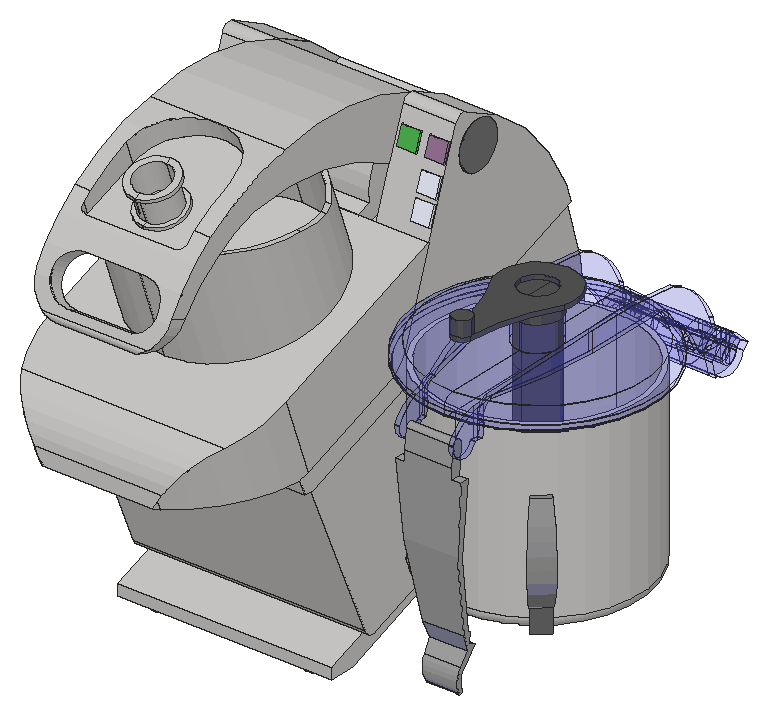
Revit family "QF_DITOSAMA_600438_DTRK70YI", category Specialty Equipment, Revit 2018 (continued)
Definition of nested family "QF_600438_BOWL"
  Lines and regions (mm)
    symbolic lines
      curve 64: line (-42.008, -210.888, 0) -> (-42.008, -197.61, 0)
      curve 65: arc (-128, -18.211, 0) -> (-101.973, 25.34, 0) -> (-60.771, 54.948, 0) r 124.909
      curve 66: arc (-128, -100.142, 0) -> (-134.909, -59.177, 0) -> (-128, -18.211, 0) r 124.909
      curve 67: line (-108, -177.764, 0) -> (-49.233, -177.764, 0)
      curve 68: line (-128, 191, 0) -> (-128, -17.764, 0)
      curve 69: line (29.233, -177.764, 0) -> (108, -177.764, 0)
      curve 70: line (-128, -97.764, 0) -> (-128, -157.764, 0)
      curve 71: line (-108, 211, 0) -> (108, 211, 0)
      curve 72: arc (-128, -157.764, 0) -> (-122.142, -171.906, 0) -> (-108, -177.764, 0) r 20
      curve 73: arc (108, -177.764, 0) -> (122.142, -171.906, 0) -> (128, -157.764, 0) r 20
      curve 74: arc (128, 191, 0) -> (122.142, 205.142, 0) -> (108, 211, 0) r 20
      curve 75: arc (-108, 211, 0) -> (-122.142, 205.142, 0) -> (-128, 191, 0) r 20
      curve 76: line (45.852, 123.86, 0) -> (-71.073, 123.86, 0)
      curve 77: line (45.852, 137.378, 0) -> (-65.852, 137.378, 0)
      curve 78: line (45.852, 143.082, 0) -> (-65.852, 143.082, 0)
      curve 79: line (53.607, 123.86, 0) -> (45.852, 123.86, 0)
      curve 80: line (45.852, 123.86, 0) -> (45.852, 170.216, 0)
      curve 81: line (45.852, 170.216, 0) -> (-65.852, 170.216, 0)
      curve 82: line (-65.852, 170.216, 0) -> (-65.852, 123.86, 0)
      curve 83: line (102.599, 101.361, 0) -> (117.599, 101.361, 0)
  Dimensions and locks
    plane 4 "TOP" to level = 705.4 mm  (x2)
    plane 7 "LEFT" to plane 3 "Center (Left/Right)" to plane 8 "RIGHT" = 128 mm, 128 mm
    plane 6 "BACK" to plane 1 "Center (Front/Back)" to plane 5 "FRONT" = 211 mm, 211 mm
    plane 6 "BACK" to plane 5 "FRONT" = 422 mm
    plane 7 "LEFT" to plane 8 "RIGHT" = 256 mm
    plane 9 "CenterX" to plane 3 "Center (Left/Right)" = 10 mm
    plane 12 to level = 510 mm
    aligned and locked: level to plane 2
    aligned and locked: Extrusion 5 to cut or joined group of Extrusion 8, Extrusion 9, Extrusion 11, Extrusion 20
